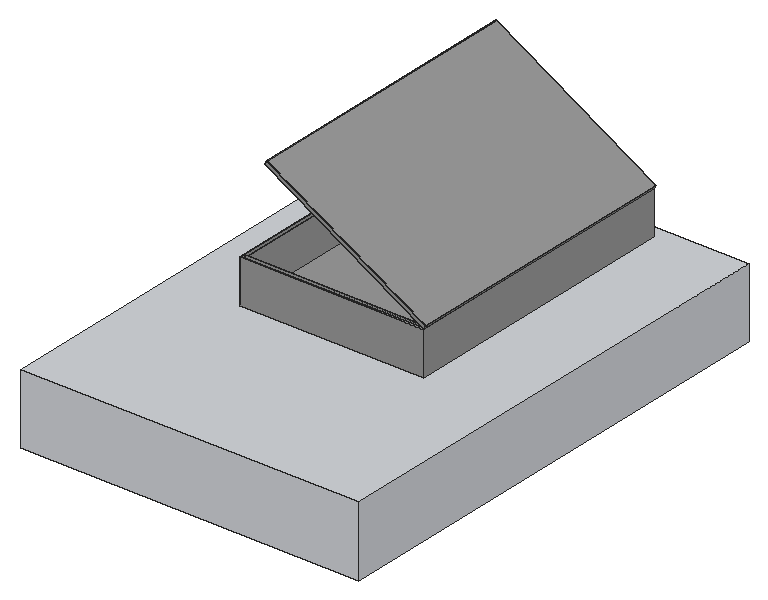
Revit family "Hager-Univers-IP54-D205-H1250-Cl.II-Encl-CH-fr", category Equipement électrique, Revit 2020
Family settings
  Hôte = Face
  Configuration du panneau = Deux colonnes, circuits au sein
  Cote de connecteur circulaire = Utiliser le diamètre
  Type d'élément = Tableau de raccordement
  Couper avec des vides une fois chargée = Non
  Partagée = Non
  Point de calcul de pièce = Non
Parameters (values of type "saillie IP54 L800 H1250 P205  - FP83QSW")
  Width Control [instance] = if([EF000008 - largeur] > Min Width, [EF000008 - largeur], Min Width)  # 800 mm
  Commentaires du type = [HG000003 - Gamme]  # "Univers"
  Thickness Door [instance] = if([EF009171 - épaisseur de matériau de la porte/du couvercle] > 3 mm, 3 mm, [EF009171 - épaisseur de matériau de la porte/du couvercle])  # 1 mm
  Seal Frame Offset [instance] = 17 mm  # constant formula
  Plinth Visibility [instance] = [HG000027 - Hauteur du socle] > 0 mm  # no
  Model = ""
  Min Width [instance] = 100 mm  # constant formula
  Min Height [instance] = 100 mm  # constant formula
  Min Depth [instance] = (2 * [EF009170 - épaisseur de matériau du boîtier]) + 1 mm  # 3 mm
  Internal Frame Depth [instance] = (Door System Depth * 0.5)  # 9 mm
  Height Control [instance] = if([EF000040 - hauteur] > Min Height, [EF000040 - hauteur], Min Height)  # 1250 mm
  HG000027 - Hauteur du socle = 0 mm
  HG000026 - Installation au sol = no
  HG000024 - Hauteur de la section basse = 800 mm
  HG000023 - Armoire double section = no
  HG000016 - Visibilité de la porte 3D [instance] = yes
  HG000015 - Visibilité de l'emprise de la porte [instance] = no
  HG000014 - Porte à droite [instance] = yes
  HG000013 - Porte à gauche [instance] = not([HG000014 - Porte à droite])  # no
  HG000012 - Angle de pivotement de la porte [instance] = 30.00°
  HG000010 - Portes asymétriques = no
  HG000009 - Porte à double battant = no
  HG000006 - Encastré = no
  HG000004 - Référence fabricant = "FP83QSW"
  HG000003 - Gamme = "Univers"
  HG000002 - avec porte = yes
  Frame Offset Bottom [instance] = 10 mm  # constant formula
  Frame Offset [instance] = 15 mm  # constant formula
  EF015940 - couvercle avec décharge de pression = no
  EF011959 - degré de protection (NEMA) = ""
  EF009554 - nombre d'ouvertures pour plaques à bride = 6
  Fabricant = "Hager"  # constant formula
  EF009212 - finition du couvercle = "EV000116 - fermé"
  EF009171 - épaisseur de matériau de la porte/du couvercle = 1 mm
  EF009170 - épaisseur de matériau du boîtier = 1 mm
  EF008873 - courant nominal (In) = 250 A
  EF007800 - adapté à un parafoudre = no
  EF006306 - avec serrure = no
  EF006244 - couvercle/porte transparent(e) = no
  EF005474 - indice de protection (IP) = "EV006419 - IP54"
  EF004464 - type de porte = "EV002646 - unique"
  EF004427 - nombre de modules = 288
  EF004293 - indice de protection contre les chocs (IK) = "EV006815 - IK09"
  EF003532 - convient pour utilisation à l’extérieur = no
  EF002950 - largeur en nombre de modules = 36
  EF001613 - maintien de fonction = "EV000494 - sans"
  EF001596 - matériau du boîtier/corps = "EV000179 - acier"
  EF001131 - profondeur intérieure = 143 mm
  EF001088 - possibilité de montage en saillie = yes
  EF000437 - nombre d'entrées de conduit = 6
  EF000339 - type de capot = "EV001012 - couvercle"
  EF000266 - nombre de rangées = 8
  EF000218 - profondeur d'encastrement = 0 mm
  EF000118 - avec cadre/support de montage = no
  EF000116 - numéro RAL = "9010"
  EF000049 - profondeur = 205 mm
  EF000040 - hauteur = 1250 mm
  EF000008 - largeur = 800 mm
  EF000007 - couleur = "EV000202 - blanc"
  EF000003 - mode de pose = "EV000384 - saillie"
  Door System Leaf Tolerance [instance] = 1.5 mm  # constant formula
  Door System Depth [instance] = 18 mm  # constant formula
  Door Height [instance] = Height Control - [HG000027 - Hauteur du socle]  # 1250 mm
  Depth Control [instance] = if([EF000049 - profondeur] > Min Depth, [EF000049 - profondeur], Min Depth)  # 205 mm
  Default Elevation = 0 mm
  Connector Offset [instance] = Height Control / 2  # 625 mm
  Bottom Top Plate Trim [instance] = 1.5 mm  # constant formula
  Plinth height Ctrl [instance] = if([HG000027 - Hauteur du socle] > 0 mm, [HG000027 - Hauteur du socle], 12 mm)  # 12 mm
Types (5, lengths in mm): name | Width Control | HG000009 - Porte à double battant | HG000004 - Référence fabricant | EF009554 - nombre d'ouvertures pour plaques à bride | EF004464 - type de porte | EF004427 - nombre de modules | EF002950 - largeur en nombre de modules | EF001131 - profondeur intérieure | EF000437 - nombre d'entrées de conduit | EF000339 - type de capot | EF000008 - largeur
  saillie IP54 L1050 H1250 P205  - FP84QSW | 1050 | yes | "FP84QSW" | 8 | "EV003602 - double" | 384 | 48 | 143 | 8 | "EV001012 - couvercle" | 1050
  saillie IP54 L1300 H1250 P205  - FP85QSW | 1300 | no | "FP85QSW" | 10 | "EV003602 - double" | 480 | 60 | 130 | 10 | "EV004216 - porte" | 1300
  saillie IP54 L300 H1250 P205  - FP81QSW | 300 | no | "FP81QSW" | 2 | "EV002646 - unique" | 96 | 12 | 130 | 2 | "EV004216 - porte" | 300
  saillie IP54 L550 H1250 P205  - FP82QSW | 550 | no | "FP82QSW" | 4 | "EV002646 - unique" | 192 | 24 | 130 | 4 | "EV004216 - porte" | 550
  saillie IP54 L800 H1250 P205  - FP83QSW | 800 | no | "FP83QSW" | 6 | "EV002646 - unique" | 288 | 36 | 143 | 6 | "EV001012 - couvercle" | 800
Reference planes
  plane 1 "Center (Front/Back)": y = 0
  plane 2: z = 0
  plane 3 "Center (Left/Right)": x = 0
  plane 4: z = 205
  plane 5: y = 1
  plane 6: y = 625
  plane 7: y = 0
  plane 8: y = 1250
  plane 9: z = 0
  plane 10: x = -385
  plane 11: x = 385
  plane 12: x = 384
  plane 13: x = -384
  plane 14: y = 1249
  plane 15: x = -383
  plane 16: x = -400
  plane 17: x = 383
  plane 18: x = 400
  plane 19: x = 399
  plane 20: x = -399
  plane 21: y = 11
  plane 22: y = 1250
  plane 23: y = 1234
  plane 24: z = 187
  plane 25: z = 1
  plane 26: z = 186
  plane 27: z = 204
Forms (mm)
  Extrusion 1, solid
    sketch origin (0, 0, 0) x (1, 0, 0) y (0, 1, 0)
      loop
        line (-702.964, 1305) -> (-702.964, -811.445) -> (766.763, -811.445) -> (766.763, 1305) -> (-702.964, 1305)
    from 0 to -304.8
  Extrusion 2, solid, material "Hager_Steel_RAL7035_Light_Grey", visible <- "Plinth Visibility", detail levels medium+fine
    sketch origin (0, 0, 0) x (1, 0, 0) y (0, 1, 0)
      loop
        line (-400, 0) -> (400, 0) -> (400, 12) -> (-400, 12) -> (-400, 0)
    from 0 to 187
  Extrusion 3, solid, material "Hager_Steel_RAL7035_Light_Grey", detail levels medium+fine
    sketch origin (0, 0, 0) x (1, 0, 0) y (0, 1, 0)
      loop
        line (-400, 0) -> (400, 0) -> (400, 1250) -> (-400, 1250) -> (-400, 0)
    from 0 to 187
  Extrusion 4, void
    sketch origin (0, 0, 0) x (1, 0, 0) y (0, 1, 0)
      loop
        line (-399, 1) -> (399, 1) -> (399, 1249) -> (-399, 1249) -> (-399, 1)
    from 1 to 186
  Extrusion 5, void
    sketch origin (-381.607, -4572, 187) x (0, -1, 0) y (-1, 0, 0)
      loop
        line (-4583, 2.393) -> (-5806, 2.393) -> (-5806, -765.607) -> (-4583, -765.607) -> (-4583, 2.393)
    from 0 to 1 <- "EF009170 - épaisseur de matériau du boîtier"
  Extrusion 6, solid, material "Hager_Steel_RAL7035_Light_Grey", detail levels fine
    sketch origin (0, 0, 187) x (1, 0, 0) y (0, 1, 0)
      loop
        line (-384, 1234) -> (-384, 11) -> (384, 11) -> (384, 1234) -> (-384, 1234)
      loop
        line (-385, 10) -> (385, 10) -> (385, 1235) -> (-385, 1235) -> (-385, 10)
    from 0 to 9 <- "Internal Frame Depth"
  Extrusion 7, solid, material "Hager_Steel_RAL7035_Light_Grey", detail levels coarse
    sketch origin (0, 0, 0) x (1, 0, 0) y (0, 1, 0)
      loop
        line (-400, 0) -> (400, 0) -> (400, 1250) -> (-400, 1250) -> (-400, 0)
    from 0 to 205
  Sweep 8, void
    path in 3D
      loop
        line (-400, 12, 0) -> (400, 12, 0) -> (400, 12, 187) -> (-400, 12, 187) -> (-400, 12, 0)
    profile origin (-400, 12, 93.5) x (-1, 0, 0) y (0, -1, 0)
      loop
        line (0, 0) -> (0, 1.5) -> (-1.5, 1.5)
        arc (-1.5, 1.5) -> (-1.061, 0.439) -> (0, 0) r 1.5
Cuts and joins
  Extrusion 4, Extrusion 5 cuts Extrusion 3
  Sweep 8 cuts Extrusion 2
Lines and regions (mm)
  Masking region 1
    outline origin (0, 0, 0) x (1, 0, 0) y (0, 0, 1)
      loop
        line (-400, 205) -> (-400, 0) -> (400, 0) -> (400, 205) -> (-400, 205)
  Masking region 2, detail levels medium+fine
    outline origin (0, 140, 0) x (0, 1, 0) y (0, 0, 1)
      loop
        line (-140, 0) -> (1110, 0) -> (1110, 187) -> (-140, 187) -> (-140, 0)
  Masking region 3, not visible, detail levels medium+fine
    outline origin (0, 297.922, 0) x (0, 1, 0) y (0, 0, 1)
      loop
        line (338.578, 0) -> (378.578, 0) -> (378.578, 194)
        arc (378.578, 194) -> (375.649, 201.071) -> (368.578, 204) r 10
        line (368.578, 204) -> (338.578, 204) -> (338.578, 0)
  Masking region 4, detail levels coarse
    outline origin (0, 0, 180) x (0, 1, 0) y (0, 0, 1)
      loop
        line (0, -180) -> (1250, -180) -> (1250, 25) -> (0, 25) -> (0, -180)
  Masking region 5, visible <- "Plinth Visibility", detail levels medium+fine
    outline origin (0, 52.24, 12.345) x (0, 0, -1) y (0, 1, 0)
      loop
        line (10.845, -40.24) -> (-173.155, -40.24)
        arc (-173.155, -40.24) -> (-173.594, -41.301) -> (-174.655, -41.74) r 1.5
        line (-174.655, -41.74) -> (-174.655, -52.24) -> (12.345, -52.24) -> (12.345, -41.74)
        arc (12.345, -41.74) -> (11.285, -41.301) -> (10.845, -40.24) r 1.5
  Masking region 6, detail levels medium+fine
    outline origin (-381.607, -4572, 187) x (-1, 0, 0) y (0, -1, 0)
      loop
        line (18.393, -5822) -> (18.393, -4572) -> (-781.607, -4572) -> (-781.607, -5822) -> (18.393, -5822)
  Masking region 7, visible <- "Plinth Visibility", detail levels medium+fine
    outline origin (-381.607, -4727, 187) x (-1, 0, 0) y (0, -1, 0)
      loop
        arc (16.893, -4739) -> (17.332, -4737.939) -> (18.393, -4737.5) r 1.5
        line (18.393, -4737.5) -> (18.393, -4727) -> (-781.607, -4727) -> (-781.607, -4737.5)
        arc (-781.607, -4737.5) -> (-780.546, -4737.939) -> (-780.107, -4739) r 1.5
        line (-780.107, -4739) -> (16.893, -4739)
  Masking region 8, detail levels coarse
    outline origin (-442.548, -4669.526, 187) x (-1, 0, 0) y (0, -1, 0)
      loop
        line (-42.548, -5919.526) -> (-42.548, -4669.526) -> (-842.548, -4669.526) -> (-842.548, -5919.526) -> (-42.548, -5919.526)
  sketch lines
    curve 1: line (-400, 12, 187) -> (-400, 12, 0)
    curve 2: line (400, 12, 187) -> (-400, 12, 187)
    curve 3: line (400, 12, 187) -> (400, 12, 0)
    curve 4: line (-400, 12, 0) -> (400, 12, 0)
Dimensions and locks
  "Depth Control": plane 4 to Extrusion 1
  "HG000027 - Hauteur du socle": plane 1 "Center (Front/Back)" to plane 7
  "EF009170 - épaisseur de matériau du boîtier": plane 5 to plane 7
  locked: connector elem to plane 3 "Center (Left/Right)"
  equal spacing: plane 8, plane 6, plane 7
  locked: connector elem to plane 6
  "EF009170 - épaisseur de matériau du boîtier": plane 8 to plane 14
  "EF009170 - épaisseur de matériau du boîtier": plane 10 to plane 13
  "EF009170 - épaisseur de matériau du boîtier": plane 12 to plane 11
  "Frame Offset": plane 20 to plane 13
  "Frame Offset": plane 12 to plane 19
  "EF009170 - épaisseur de matériau du boîtier": plane 16 to plane 20
  "EF009170 - épaisseur de matériau du boîtier": plane 19 to plane 18
  "Seal Frame Offset": plane 16 to plane 15
  "Seal Frame Offset": plane 17 to plane 18
  "Frame Offset Bottom": plane 21 to plane 5
  "Frame Offset": plane 14 to plane 23
  equal spacing: plane 16, plane 3 "Center (Left/Right)", plane 18
  "Width Control": plane 16 to plane 18
  "EF009170 - épaisseur de matériau du boîtier": plane 4 to plane 27
  "EF009170 - épaisseur de matériau du boîtier": plane 24 to plane 26
  "EF009170 - épaisseur de matériau du boîtier": plane 25 to level
  "Door System Depth": plane 4 to plane 24
  "Height Control": plane 1 "Center (Front/Back)" to Extrusion 7 sketch curve
  "Height Control": Masking region 4 sketch curve to plane 1 "Center (Front/Back)"
  "Height Control": plane 1 "Center (Front/Back)" to plane 22
  "Bottom Top Plate Trim": profile plane to Sweep 8 sketch curve
  "Bottom Top Plate Trim": Sweep 8 sketch curve to profile plane
  "Plinth height Ctrl": plane 1 "Center (Front/Back)" to Extrusion 2 sketch curve
  "Plinth height Ctrl": Masking region 5 sketch curve to plane 1 "Center (Front/Back)"
  "Plinth height Ctrl": plane 1 "Center (Front/Back)" to Masking region 7 sketch curve
  "Thickness Door": Extrusion 6 sketch curve to Extrusion 6 sketch curve  (x3)
  "Thickness Door": cut or joined group of Extrusion 3, Extrusion 4, Extrusion 5 to Extrusion 6 sketch curve
  radius of Masking region 3 sketch curve = 10 mm
  "Bottom Top Plate Trim": radius of Masking region 5 sketch curve  (x2)
  "Bottom Top Plate Trim": radius of Sweep 8 sketch curve
  "Bottom Top Plate Trim": radius of Masking region 7 sketch curve  (x2)
  aligned and locked: plane 2 to Extrusion 1
  aligned and locked: level to Extrusion 1
  aligned and locked: level to Masking region 1 sketch curve
  aligned and locked: Masking region 1 sketch curve to plane 18
  aligned and locked: Masking region 1 sketch curve to plane 16
  aligned and locked: plane 7 to Masking region 2 sketch curve
  aligned and locked: level to Masking region 3 sketch curve
  aligned and locked: Masking region 3 sketch curve to plane 27
  aligned and locked: level to Masking region 2 sketch curve
  aligned and locked: plane 1 "Center (Front/Back)" to Extrusion 2 sketch curve
  aligned and locked: Extrusion 3 sketch curve to plane 7
  aligned and locked: plane 16 to Extrusion 3 sketch curve
  aligned and locked: plane 18 to Extrusion 3 sketch curve
  aligned and locked: plane 20 to Extrusion 4 sketch curve
  aligned and locked: plane 19 to Extrusion 4 sketch curve
  aligned and locked: Extrusion 4 sketch curve to plane 5
  aligned and locked: Extrusion 4 to plane 25
  aligned and locked: plane 26 to Extrusion 4
  aligned and locked: plane 24 to Extrusion 3
  aligned and locked: Extrusion 5 sketch curve to plane 21
  aligned and locked: Extrusion 5 sketch curve to plane 13
  aligned and locked: Extrusion 5 sketch curve to plane 12
  aligned and locked: plane 18 to Extrusion 7 sketch curve
  aligned and locked: plane 1 "Center (Front/Back)" to Extrusion 7 sketch curve
  aligned and locked: plane 16 to Extrusion 7 sketch curve
  aligned and locked: plane 4 to Extrusion 7
  aligned and locked: Extrusion 7 to level
  aligned and locked: level to Masking region 4 sketch curve
  aligned and locked: Masking region 4 sketch curve to plane 1 "Center (Front/Back)"
  aligned and locked: Masking region 4 sketch curve to plane 4
  aligned and locked: nested 1 to level
  aligned and locked: nested 1 to plane 16
  aligned and locked: plane 8 to Extrusion 3 sketch curve
  aligned and locked: plane 23 to Extrusion 5 sketch curve
  aligned and locked: plane 14 to Extrusion 4 sketch curve
  aligned and locked: Masking region 2 sketch curve to plane 8
  aligned and locked: level to Masking region 5 sketch curve
  aligned and locked: plane 16 to Extrusion 2 sketch curve
  aligned and locked: plane 18 to Extrusion 2 sketch curve
  aligned and locked: Masking region 5 sketch curve to plane 24
  aligned and locked: Masking region 2 sketch curve to plane 24
  aligned and locked: plane 24 to Extrusion 2
  aligned and locked: profile plane to Sweep 8 sketch curve  (x2)
  aligned and locked: Masking region 6 sketch curve to plane 18
  aligned and locked: Masking region 6 sketch curve to plane 22
  aligned and locked: Masking region 6 sketch curve to plane 16
  aligned and locked: plane 8 to plane 22
  aligned and locked: Masking region 6 sketch curve to plane 7
  aligned and locked: Masking region 7 sketch curve to plane 16
  aligned and locked: Masking region 7 sketch curve to plane 1 "Center (Front/Back)"
  aligned and locked: Masking region 7 sketch curve to plane 18
  aligned and locked: Masking region 8 sketch curve to plane 1 "Center (Front/Back)"
  aligned and locked: Masking region 8 sketch curve to plane 18
  aligned and locked: Masking region 8 sketch curve to plane 22
  aligned and locked: Masking region 8 sketch curve to plane 16
  aligned and locked: nested 2 to plane 7
  aligned and locked: plane 3 "Center (Left/Right)" to nested 2
  aligned and locked: nested 2 to plane 24
  aligned and locked: Extrusion 6 sketch curve to cut or joined group of Extrusion 3, Extrusion 4, Extrusion 5  (x4)
Automatic sketch dimensions
  Extrusion 1 sketch curve to Extrusion 1 sketch curve = 1469.727 mm
  Extrusion 1 sketch curve to Extrusion 1 sketch curve = 2116.445 mm
  Masking region 1 sketch curve to plane 4 = 0 mm
  plane 6 to Masking region 3 sketch curve = 11.5 mm
  Masking region 3 sketch curve to Masking region 3 sketch curve = 30 mm
  Masking region 5 sketch curve to plane 1 "Center (Front/Back)" = 0 mm
Nested families
  nested 1: "Hager_Enclosure_Symbol" at (-400, 0, 0) x (1, 0, 0) z (0, -1, 0), Height <- "Depth Control", Width <- "Width Control", type "Hager_Enclosure_Symbol"
    with Width_Ctrl 800 mm, Width 800 mm, Height_Ctrl 205 mm, Height 205 mm, A_Width_Int 13.453 mm, A_Width 161.438 mm, A_Height_Ctrl 179.375 mm, A_Height 179.375 mm
  nested 2: "EC000058_Univers_Door" at (0, 0, 187) x (1, 0, 0) z (0, 1, 0), Leaf_Tolerance <- "Door System Leaf Tolerance", Angle <- "HG000012 - Angle de pivotement de la porte", Door_Depth <- "Door System Depth", Door_Left <- "HG000013 - Porte à gauche", Transparent <- "EF006244 - couvercle/porte transparent(e)", Assymetrical <- "HG000010 - Portes asymétriques", Width <- "Width Control", Clearance <- "HG000015 - Visibilité de l'emprise de la porte", Double <- "HG000009 - Porte à double battant", 3d_Door <- "HG000016 - Visibilité de la porte 3D", Lock_Visibility <- "EF006306 - avec serrure", Width_Ctrl <- "Width Control", Door_Right <- "HG000014 - Porte à droite", Door <- "HG000002 - avec porte", Height <- "Door Height", Thickness <- "Thickness Door", type "EC000058_Univers_Door", detail levels medium+fine
    with min_wh 3 mm, Width_Ctrl 800 mm, Width 800 mm, Transparent no, Thickness 1 mm, Seal_Material Hager_Rubber, Lock_Visibility no, Lock_Material Hager_Plastic_RAL9005_Jet_Black, Leaf_Width 800 mm, Leaf_Tolerance_External_Sides 0 mm, Leaf_Tolerance 1.5 mm, Leaf_Offset 0 mm, Leaf_Height 1247 mm, Leaf_2_Width 800 mm, Leaf_2_Offset 400 mm, Leaf_1_Width 800 mm, Leaf_1_Offset 400 mm, Height_Ctrl 1250 mm, Height 1250 mm, Glass_Material Hager_Glass, Double_Clearance_Ctrl no, Double no, Door_Right_Ctrl yes, Door_Right yes, Door_Material Hager_Steel_RAL7035_Light_Grey, Door_Left_Ctrl no, Door_Left no, Door_Depth 18 mm, Door yes, Clearance_Material Hager_Clearance, Clearance_Depth 800 mm, Clearance_Ctrl no, Clearance no, Assymetrical no, Angle 30.00°, 3d_Door yes
Connectors
  electrical at (0, 625, 0)
    settings: on plane 9, index 1, voltage 0 V, apparent load 0 VA, apparent load phase1 0 VA, apparent load phase2 0 VA, apparent load phase3 0 VA, power factor 1, load classification "Other", number of poles 1, system type 30, power factor state 1, is connector primary yes, connector utility no, sub classification motor no, connector description ""
Definition of nested family "EC000058_Univers_Door"
  Parameters (values of type "EC000058_Univers_Door")
    min_wh [instance] = (2 * Thickness) + 1 mm  # 11 mm
    Width_Ctrl [instance] = 400 mm
    Width [instance] = 500 mm
    Transparent [instance] = yes
    Thickness [instance] = 5 mm
    Seal_Material [instance] = none
    Lock_Visibility [instance] = yes
    Lock_Material [instance] = none
    Leaf_Width [instance] = if((Width_Ctrl - 2 * Leaf_Tolerance_External_Sides) > 0 mm, (Width_Ctrl - 2 * Leaf_Tolerance_External_Sides), min_wh)  # 400 mm
    Leaf_Tolerance_External_Sides [instance] = 0 mm  # constant formula
    Leaf_Tolerance [instance] = 1.5 mm
    Leaf_Offset [instance] = 0 mm  # constant formula
    Leaf_Height [instance] = if((Height_Ctrl - 2 * Leaf_Tolerance) > 0 mm, (Height_Ctrl - 2 * Leaf_Tolerance), min_wh)  # 497 mm
    Leaf_2_Width [instance] = if(and(and(Double, Assymetrical), Door_Left), (Leaf_Width / 3) - (Leaf_Tolerance / 2), if(and(and(Double, Assymetrical), Door_Right), (Leaf_Width / 3) * 2 - (Leaf_Tolerance / 2), if(and(Double, not(Assymetrical)), (Leaf_Width / 2) - Leaf_Tolerance, Leaf_Width)))  # 400 mm
    Leaf_2_Offset [instance] = if(and(Double, Assymetrical), Leaf_2_Width / 2, if(and(Double, not(Assymetrical)), Leaf_Width / 4, Leaf_Width / 2))  # 200 mm
    Leaf_1_Width [instance] = if(and(and(Double, Assymetrical), Door_Right), (Leaf_Width / 3) - (Leaf_Tolerance / 2), if(and(and(Double, Assymetrical), Door_Left), (Width / 3) * 2 - (Leaf_Tolerance / 2), if(and(Double, not(Assymetrical)), (Leaf_Width / 2) - Leaf_Tolerance, Leaf_Width)))  # 400 mm
    Leaf_1_Offset [instance] = if(and(Double, Assymetrical), Leaf_1_Width / 2, if(and(Double, not(Assymetrical)), Leaf_Width / 4, Leaf_Width / 2))  # 200 mm
    Height_Ctrl [instance] = if(Height > min_wh, Height, min_wh)  # 500 mm
    Height [instance] = 500 mm
    Glass_Material [instance] = none
    Double_Clearance_Ctrl [instance] = and(Double, Clearance)  # no
    Double [instance] = no
    Door_Right_Ctrl [instance] = and(or(Door_Right, Double), Door)  # yes
    Door_Right [instance] = yes
    Door_Material [instance] = none
    Door_Left_Ctrl [instance] = and(or(Door_Left, Double), Door)  # no
    Door_Left [instance] = no
    Door_Depth [instance] = 30 mm
    Door [instance] = yes
    Default Elevation = 1219.2 mm
    Clearance_Material [instance] = none
    Clearance_Depth [instance] = if(Leaf_1_Width > Leaf_2_Width, Leaf_1_Width, Leaf_2_Width)  # 400 mm
    Clearance_Ctrl [instance] = and(not(Double), Clearance)  # yes
    Clearance [instance] = yes
    Assymetrical [instance] = yes
    Angle [instance] = 30.00°
    3d_Door [instance] = yes
  Reference planes
    plane 1 "Center (Front/Back)": y = 0
    plane 2 "Bottom": z = 0
    plane 3 "Center (Left/Right)": x = 0
    plane 4: z = 500
    plane 5: x = -200
    plane 6: x = 200
    plane 7: z = 500
    plane 8: x = -200
    plane 9: z = 0
    plane 10: x = 200
    plane 11: y = 0
    plane 12: z = 1.5
    plane 13: x = -600
    plane 14: y = -400
    plane 15: x = 600
    plane 16: x = 0
    plane 17: x = 0
    plane 18: x = -200
    plane 19: x = 200
    plane 20: z = 498.5
  Forms (mm)
    Extrusion 1, solid, material <- "Clearance_Material", visible <- "Double_Clearance_Ctrl"
      sketch origin (1200, 0, 0) x (1, 0, 0) y (0, 0, -1)
        loop
          line (-1800, -498.5) -> (-600, -498.5) -> (-600, 0) -> (-1800, 0) -> (-1800, -498.5)
      from 0 to -400
  Dimensions and locks
    equal spacing: plane 5, plane 3 "Center (Left/Right)", plane 6
    "Width_Ctrl": plane 5 to plane 6
    "Leaf_Offset": plane 5 to plane 8
    "Leaf_Offset": plane 6 to plane 10
    "Leaf_Offset": plane 9 to level
    "Leaf_Offset": plane 4 to plane 7
    "Height_Ctrl": plane 4 to level
    "Leaf_Tolerance": plane 12 to plane 9
    locked: plane 11 to plane 1 "Center (Front/Back)"
    "Leaf_1_Offset": plane 18 to plane 16
    "Leaf_2_Offset": plane 17 to plane 19
    "Leaf_1_Width": plane 13 to plane 8
    "Leaf_2_Width": plane 10 to plane 15
    "Clearance_Depth": plane 14 to plane 1 "Center (Front/Back)"
    "Leaf_Tolerance_External_Sides": plane 8 to plane 18
    "Leaf_Tolerance_External_Sides": plane 19 to plane 10
    "Leaf_Tolerance": plane 7 to plane 20
    aligned and locked: level to plane 2 "Bottom"
    aligned and locked: nested 1 to plane 16
    aligned and locked: nested 2 to plane 17
    aligned and locked: Extrusion 1 to plane 13
    aligned and locked: plane 15 to Extrusion 1
    aligned and locked: Extrusion 1 to plane 14
    aligned and locked: plane 12 to nested 1
    aligned and locked: nested 2 to plane 12
    aligned and locked: Extrusion 1 to plane 11
    aligned and locked: plane 20 to Extrusion 1
    aligned and locked: nested 2 to plane 11
    aligned and locked: nested 1 to plane 11
  Automatic sketch dimensions
    Extrusion 1 sketch curve to level = 0 mm
    plane 5 to Extrusion 1 sketch curve = 400 mm
    plane 6 to Extrusion 1 sketch curve = 400 mm
    Extrusion 1 sketch curve to plane 4 = 1.5 mm
  Nested families
    nested 1: "EC000058_Univers_Door_Leaf" at (0, 0, 1.5), Width <- "Leaf_1_Width", visible <- "Door_Left_Ctrl", Leaf_Height <- "Leaf_Height", Angle <- "Angle", 3d_Door <- "3d_Door", Transparent <- "Transparent", Clearance Material <- "Clearance_Material", Clearance <- "Clearance_Ctrl", Door_Material <- "Door_Material", Glass_Material <- "Glass_Material", Door_Depth <- "Door_Depth", Lock_Material <- "Lock_Material", Seal_Material <- "Seal_Material", Lock_Visibility <- "Lock_Visibility", Thickness <- "Thickness", type "EC000058_Univers_Door_Leaf"
      with Width 400 mm, Transparent_Glass_Offset 30 mm, Transparent_Ctrl yes, Transparent yes, Thickness 5 mm, Standard no, Seal_Material none, Seal_D2 8 mm, Seal_D1 1 mm, Offset_Internal_Frame 10 mm, Lock_Width 20 mm, Lock_Visibility_3d yes, Lock_Visibility yes, Lock_Thickness_3 3 mm, Lock_Thickness_2 1 mm, Lock_Thickness_1 3 mm, Lock_Radius_Offset_2 16 mm, Lock_Radius_Offset_1 15 mm, Lock_Radius_2 5 mm, Lock_Radius 6 mm, Lock_Offset 5 mm, Lock_Material none, Lock_Height 80 mm, Lock_Cover_Top_Offset_2d 17 mm, Lock_Cover_Height -65 mm, Leaf_Height 497 mm, Internal_Seal_Thickness 8 mm, Internal_Seal_Depth_2 4.5 mm, Internal_Frame_Depth 25 mm, Glass_Thickness -1 mm, Glass_Offset -2 mm, Glass_Material none, Door_Material none, Door_Depth 30 mm, Clearance Material none, Clearance yes, Angle_Ctrl 30.00°, Angle 30.00°, 3d_Door yes
    nested 2: "EC000058_Univers_Door_Leaf" at (0, 0, 1.5) x (-1, 0, 0) z (0, 0, 1), Width <- "Leaf_2_Width", visible <- "Door_Right_Ctrl", Leaf_Height <- "Leaf_Height", Angle <- "Angle", 3d_Door <- "3d_Door", Transparent <- "Transparent", Clearance Material <- "Clearance_Material", Clearance <- "Clearance_Ctrl", Door_Material <- "Door_Material", Glass_Material <- "Glass_Material", Door_Depth <- "Door_Depth", Lock_Material <- "Lock_Material", Seal_Material <- "Seal_Material", Lock_Visibility <- "Lock_Visibility", Thickness <- "Thickness", type "EC000058_Univers_Door_Leaf"
      with Width 400 mm, Transparent_Glass_Offset 30 mm, Transparent_Ctrl yes, Transparent yes, Thickness 5 mm, Standard no, Seal_Material none, Seal_D2 8 mm, Seal_D1 1 mm, Offset_Internal_Frame 10 mm, Lock_Width 20 mm, Lock_Visibility_3d yes, Lock_Visibility yes, Lock_Thickness_3 3 mm, Lock_Thickness_2 1 mm, Lock_Thickness_1 3 mm, Lock_Radius_Offset_2 16 mm, Lock_Radius_Offset_1 15 mm, Lock_Radius_2 5 mm, Lock_Radius 6 mm, Lock_Offset 5 mm, Lock_Material none, Lock_Height 80 mm, Lock_Cover_Top_Offset_2d 17 mm, Lock_Cover_Height -65 mm, Leaf_Height 497 mm, Internal_Seal_Thickness 8 mm, Internal_Seal_Depth_2 4.5 mm, Internal_Frame_Depth 25 mm, Glass_Thickness -1 mm, Glass_Offset -2 mm, Glass_Material none, Door_Material none, Door_Depth 30 mm, Clearance Material none, Clearance yes, Angle_Ctrl 30.00°, Angle 30.00°, 3d_Door yes
  Definition of nested family "EC000058_Univers_Door_Leaf"
    Parameters (values of type "EC000058_Univers_Door_Leaf")
      Width [instance] = 2000 mm
      Transparent_Glass_Offset [instance] = 30 mm
      Transparent_Ctrl [instance] = and(Transparent, [3d_Door])  # yes
      Transparent [instance] = yes
      Thickness [instance] = 5 mm
      Standard [instance] = and(not(Transparent), [3d_Door])  # no
      Seal_Material [instance] = none
      Seal_D2 [instance] = 8 mm  # constant formula
      Seal_D1 [instance] = 1 mm  # constant formula
      Offset_Internal_Frame [instance] = 10 mm  # constant formula
      Lock_Width [instance] = 20 mm  # constant formula
      Lock_Visibility_3d [instance] = and(Lock_Visibility, [3d_Door])  # yes
      Lock_Visibility [instance] = yes
      Lock_Thickness_3 [instance] = 3 mm  # constant formula
      Lock_Thickness_2 [instance] = 1 mm  # constant formula
      Lock_Thickness_1 [instance] = 3 mm  # constant formula
      Lock_Radius_Offset_2 [instance] = Lock_Radius_Offset_1 + 1 mm  # 16 mm
      Lock_Radius_Offset_1 [instance] = 15 mm  # constant formula
      Lock_Radius_2 [instance] = Lock_Radius - 1 mm  # 5 mm
      Lock_Radius [instance] = 6 mm  # constant formula
      Lock_Offset [instance] = 5 mm  # constant formula
      Lock_Material [instance] = none
      Lock_Height [instance] = 80 mm  # constant formula
      Lock_Cover_Top_Offset_2d [instance] = Lock_Radius_Offset_2 + 1 mm  # 17 mm
      Lock_Cover_Height [instance] = -(Lock_Height - Lock_Radius_Offset_1)  # -65 mm
      Leaf_Height [instance] = 2720.336 mm
      Internal_Seal_Thickness [instance] = 8 mm  # constant formula
      Internal_Seal_Depth_2 [instance] = 4.5 mm  # constant formula
      Internal_Frame_Depth [instance] = if(Door_Depth - Thickness > 5 mm, Door_Depth - Thickness, 5 mm)  # 25 mm
      Glass_Thickness [instance] = if(Thickness > 15 mm, Glass_Offset + 10 mm, -1 mm)  # -1 mm
      Glass_Offset [instance] = if(Thickness > 15 mm, -(Thickness + 10 mm) / 2, -2 mm)  # -2 mm
      Glass_Material [instance] = none
      Door_Material [instance] = none
      Door_Depth [instance] = 30 mm
      Default Elevation = 0 mm
      Clearance Material [instance] = none
      Clearance [instance] = yes
      Angle_Ctrl [instance] = if(Angle > 180.00°, 180.00°, Angle)  # 90.00°
      Angle [instance] = 90.00°
      3d_Door [instance] = yes
    Reference planes
      plane 1 "Center (Front/Back)": y = 0
      plane 2: z = 0
      plane 3 "Center (Left/Right)": x = 0
      plane 4: y = 2000
      plane 5: x = -1000
      plane 6: x = 1000
      plane 7: x = -3000
      plane 8: z = 2720.336
      plane 9: z = 30
      plane 10: z = 2690.336
      plane 11: x = 970
      plane 12: x = -970
      plane 13: y = -3
      plane 14: z = 107.833
      plane 15: y = -5
      plane 16: y = -223.314
      plane 17: x = -1000
      plane 18: z = 1360.168
      plane 19: y = 30
    Forms (mm)
      Extrusion 1, solid, material <- "Clearance Material", visible <- "Clearance"
        sketch origin (0, 0, 0) x (1, 0, 0) y (0, 0, 1)
          loop
            line (-3000, 2720.336) -> (-3000, 0) -> (1000, 0) -> (1000, 2720.336) -> (-3000, 2720.336)
        from 0 to -2000
      Extrusion 2, solid, material <- "Door_Material", visible <- "Standard", detail levels medium+fine
        sketch origin (-1000, 0, 0) x (0, 1, 0) y (-1, 0, 0)
          loop
            line (0, 30) -> (0, 25) -> (2000, 25) -> (2000, 30) -> (0, 30)
        from 0 to 2720.336 <- "Leaf_Height"
      Extrusion 3, solid, material <- "Door_Material", visible <- "Transparent_Ctrl", detail levels medium+fine
        sketch origin (-1000, 0, 0) x (0, 1, 0) y (-1, 0, 0)
          loop
            line (0, 25) -> (2000, 25) -> (2000, 30) -> (0, 30) -> (0, 25)
        from 0 to 2720.336 <- "Leaf_Height"
      Extrusion 4, void
        sketch origin (-1025, 2000, 0) x (0, 1, 0) y (0, 0, -1)
          loop
            line (-30, -2690.336) -> (-30, -30) -> (-1970, -30) -> (-1970, -2690.336) -> (-30, -2690.336)
        from 0 to 5 <- "Thickness"
      Sweep 5, solid, material <- "Seal_Material", visible <- "Transparent_Ctrl", detail levels fine
        path in 3D
          loop
            line (-1025, 30, 30) -> (-1025, 30, 2690.336) -> (-1025, 1970, 2690.336) -> (-1025, 1970, 30) -> (-1025, 30, 30)
        profile origin (-1025, 1000, 30) x (1, 0, 0) y (0, 0, 1)
          loop
            line (0, 0) -> (0, -8) -> (1, -8) -> (1, 0) -> (0, 0)
      Extrusion 6, solid, material <- "Glass_Material", visible <- "Transparent_Ctrl", detail levels medium+fine
        sketch origin (-1030, 0, 0) x (0, 1, 0) y (0, 0, -1)
          loop
            line (1970, -2690.336) -> (1970, -30) -> (30, -30) -> (30, -2690.336) -> (1970, -2690.336)
        from -2 <- "Glass_Offset" to -1 <- "Glass_Thickness"
      Extrusion 7, solid, material <- "Door_Material", visible <- "3d_Door", detail levels medium+fine
        sketch origin (-1025, 2000, 0) x (0, -1, 0) y (0, 0, -1)
          loop
            line (0, -2720.336) -> (2000, -2720.336) -> (2000, 0) -> (0, 0) -> (0, -2720.336)
          loop
            line (1995, -5) -> (5, -5) -> (5, -2715.336) -> (1995, -2715.336) -> (1995, -5)
        from 0 to 25 <- "Internal_Frame_Depth"
      Sweep 8, solid, material <- "Seal_Material", visible <- "Transparent_Ctrl", detail levels fine
        path in 3D
          loop
            line (-1025, 0, 0) -> (-1025, 2000, 0) -> (-1025, 2000, 2720.336) -> (-1025, 0, 2720.336) -> (-1025, 0, 0)
        profile origin (-1025, 0, 1360.168) x (1, 0, 0) y (0, 1, 0)
          loop
            line (0, 10) -> (2.975, 10)
            arc (2.975, 10) -> (4.053, 10.447) -> (4.5, 11.525) r 1.525
            line (4.5, 11.525) -> (4.5, 16.527)
            arc (4.5, 16.527) -> (4.069, 17.569) -> (3.027, 18) r 1.473
            line (3.027, 18) -> (0, 18) -> (0, 10)
      Extrusion 9, solid, material <- "Lock_Material", visible <- "Lock_Visibility_3d", detail levels fine
        sketch origin (-1030, 0, 0) x (0, 1, 0) y (0, 0, -1)
          loop
            arc (1993.5, -1400.168) -> (1994.561, -1399.729) -> (1995, -1398.668) r 1.5
            line (1995, -1398.668) -> (1995, -1320.168) -> (1975, -1320.168) -> (1975, -1398.668)
            arc (1975, -1398.668) -> (1975.439, -1399.729) -> (1976.5, -1400.168) r 1.5
            line (1976.5, -1400.168) -> (1993.5, -1400.168)
        from 3 <- "Lock_Thickness_1" to 0
      Blend 10, solid, material <- "Lock_Material", visible <- "Lock_Visibility_3d", detail levels fine
        base sketch origin (-1033, 0, 0) x (0, 1, 0) y (0, 0, -1)
          loop
            line (1975, -1320.168) -> (1975, -1398.668)
            arc (1975, -1398.668) -> (1975.439, -1399.729) -> (1976.5, -1400.168) r 1.5
            line (1976.5, -1400.168) -> (1993.5, -1400.168)
            arc (1993.5, -1400.168) -> (1994.561, -1399.729) -> (1995, -1398.668) r 1.5
            line (1995, -1398.668) -> (1995, -1320.168) -> (1975, -1320.168)
        top sketch origin (-1033, 0, 0) x (0, 1, 0) y (0, 0, -1)
          loop
            line (1976, -1320.168) -> (1976, -1398.668)
            arc (1976, -1398.668) -> (1976.146, -1399.022) -> (1976.5, -1399.168) r 0.5
            line (1976.5, -1399.168) -> (1993.5, -1399.168)
            arc (1993.5, -1399.168) -> (1993.854, -1399.022) -> (1994, -1398.668) r 0.5
            line (1994, -1398.668) -> (1994, -1320.168) -> (1976, -1320.168)
        from 0 to 1 <- "Lock_Thickness_2"
      Blend 11, solid, material <- "Lock_Material", visible <- "Lock_Visibility_3d", detail levels fine
        base sketch origin (-1034, 0, 0) x (0, 1, 0) y (0, 0, -1)
          loop
            line (1978, -1320.168) -> (1978, -1384.168)
            arc (1978, -1384.168) -> (1985, -1391.168) -> (1992, -1384.168) r 7
            line (1992, -1384.168) -> (1992, -1320.168) -> (1978, -1320.168)
        top sketch origin (-1034, 0, 0) x (0, 1, 0) y (0, 0, -1)
          loop
            line (1991, -1320.168) -> (1979, -1320.168) -> (1979, -1383.168)
            arc (1979, -1383.168) -> (1985, -1389.168) -> (1991, -1383.168) r 6
            line (1991, -1383.168) -> (1991, -1320.168)
        from 0 to 3 <- "Lock_Thickness_3"
      Extrusion 12, solid, material <- "Lock_Material", visible <- "Lock_Visibility_3d", detail levels fine
        sketch origin (-1030, 1975, 1320.168) x (1, 0, 0) y (0, -1, 0)
          loop
            line (-7, -19) -> (-7, -1) -> (0, -1) -> (0, 0) -> (-8, 0) -> (-8, -20) -> (0, -20) -> (0, -19) -> (-7, -19)
        from 0 to -65 <- "Lock_Cover_Height"
      Extrusion 13, void
        sketch origin (-1038, 1995, 1320.168) x (-1, 0, 0) y (0, 0, -1)
          loop
            line (-5, -65) -> (0, -65) -> (-5, -60) -> (-5, -65)
        from 0 to 20 <- "Lock_Width"
      Extrusion 14, void
        sketch origin (-1038, 1975, 1320.168) x (0, -1, 0) y (0, 0, -1)
          loop
            circle (-10, -15.995) r 6
          loop
            circle (-10, -15.995) r 5
        from 0 to 2
      Extrusion 15, solid, material <- "Lock_Material", visible <- "Lock_Visibility_3d", detail levels medium
        sketch origin (-1030, 0, 0) x (0, 1, 0) y (0, 0, -1)
          loop
            arc (1993.5, -1400.168) -> (1994.561, -1399.729) -> (1995, -1398.668) r 1.5
            line (1995, -1398.668) -> (1995, -1320.168) -> (1975, -1320.168) -> (1975, -1398.668)
            arc (1975, -1398.668) -> (1975.439, -1399.729) -> (1976.5, -1400.168) r 1.5
            line (1976.5, -1400.168) -> (1993.5, -1400.168)
        from 8 to 0
    Cuts and joins
      Extrusion 4 cuts Extrusion 3
      Extrusion 13, Extrusion 14 cuts Extrusion 9
      Extrusion 14 cuts Blend 11
      Extrusion 13, Extrusion 14 cuts Extrusion 12
      joined: Extrusion 9, Blend 10, Blend 11, Extrusion 12
      Extrusion 14 cuts Extrusion 15
    Lines and regions (mm)
      Masking region 1, visible <- "Lock_Visibility", detail levels fine
        outline origin (0, 0, 0) x (0, 1, 0) y (0, 0, 1)
          loop
            line (30, 1320.168) -> (33, 1320.168) -> (33, 1400.168) -> (30, 1400.168) -> (30, 1320.168)
      Masking region 2, visible <- "Lock_Visibility", detail levels fine
        outline origin (0, 3.143, 0) x (0, 1, 0) y (0, 0, 1)
          loop
            line (29.857, 1354.168) -> (30.857, 1354.168) -> (30.857, 1366.168) -> (29.857, 1366.168) -> (29.857, 1354.168)
      Masking region 3, detail levels medium+fine
        outline origin (0, 0, 0) x (0, 1, 0) y (0, 0, 1)
          loop
            line (0, 0) -> (30, 0) -> (30, 2720.336) -> (0, 2720.336) -> (0, 0)
      Masking region 4, detail levels medium+fine
        outline origin (0, 0, 0) x (1, 0, 0) y (0, 0, 1)
          loop
            line (-1000, 2720.336) -> (-1000, 0) -> (1000, 0) -> (1000, 2720.336) -> (-1000, 2720.336)
      Masking region 5, visible <- "Lock_Visibility", detail levels fine
        outline origin (-47.116, 0, 0) x (1, 0, 0) y (0, 0, 1)
          loop
            arc (1024.616, 1399.168) -> (1023.556, 1398.729) -> (1023.116, 1397.668) r 1.5
            line (1023.116, 1397.668) -> (1023.116, 1320.168) -> (1041.116, 1320.168) -> (1041.116, 1397.668)
            arc (1041.116, 1397.668) -> (1040.677, 1398.729) -> (1039.616, 1399.168) r 1.5
            line (1039.616, 1399.168) -> (1024.616, 1399.168)
      Masking region 6, visible <- "Lock_Visibility", detail levels medium+fine
        outline origin (-25, 0, 0) x (1, 0, 0) y (0, 0, 1)
          loop
            arc (1001.5, 1400.168) -> (1000.439, 1399.729) -> (1000, 1398.668) r 1.5
            line (1000, 1398.668) -> (1000, 1320.168) -> (1020, 1320.168) -> (1020, 1398.668)
            arc (1020, 1398.668) -> (1019.561, 1399.729) -> (1018.5, 1400.168) r 1.5
            line (1018.5, 1400.168) -> (1001.5, 1400.168)
      Masking region 7, visible <- "Lock_Visibility", detail levels fine
        outline origin (-73.735, 0, 0) x (1, 0, 0) y (0, 0, 1)
          loop
            line (1051.735, 1382.168) -> (1065.735, 1382.168) -> (1065.735, 1384.168)
            arc (1065.735, 1384.168) -> (1058.735, 1391.168) -> (1051.735, 1384.168) r 7
            line (1051.735, 1384.168) -> (1051.735, 1382.168)
      Masking region 8, visible <- "Lock_Visibility", detail levels fine
        outline origin (-73.735, 0, 0) x (1, 0, 0) y (0, 0, 1)
          loop
            line (1052.735, 1382.168) -> (1064.735, 1382.168) -> (1064.735, 1383.168)
            arc (1064.735, 1383.168) -> (1058.735, 1389.168) -> (1052.735, 1383.168) r 6
            line (1052.735, 1383.168) -> (1052.735, 1382.168)
      Masking region 9, visible <- "Lock_Visibility", detail levels fine
        outline origin (-25, 0, 0) x (1, 0, 0) y (0, 0, 1)
          loop
            line (1020, 1320.168) -> (1020, 1382.168) -> (1000, 1382.168) -> (1000, 1320.168) -> (1020, 1320.168)
      Masking region 10, detail levels medium+fine
        outline origin (0, 0, 0) x (1, 0, 0) y (0, 0, 1)
          loop
            circle (985, 1335.144) r 6
      Masking region 11, detail levels fine
        outline origin (0, 0, 0) x (1, 0, 0) y (0, 0, 1)
          loop
            circle (985, 1335.144) r 5
      Masking region 12, visible <- "Lock_Visibility", detail levels fine
        outline origin (0, 12.767, 0) x (0, 1, 0) y (0, 0, 1)
          loop
            line (20.233, 1320.168) -> (21.233, 1320.168) -> (21.233, 1399.168) -> (20.233, 1400.168) -> (20.233, 1320.168)
      Masking region 13, visible <- "Lock_Visibility", detail levels fine
        outline origin (0, 13.767, -10) x (0, 1, 0) y (0, 0, 1)
          loop
            line (20.233, 1330.168) -> (23.233, 1330.168) -> (23.233, 1399.168) -> (20.233, 1402.168) -> (20.233, 1330.168)
      Masking region 14, visible <- "Lock_Visibility", detail levels fine
        outline origin (0, 12.767, -10) x (0, 1, 0) y (0, 0, 1)
          loop
            line (20.233, 1330.168) -> (25.233, 1330.168) -> (25.233, 1399.305) -> (20.233, 1394.305) -> (20.233, 1330.168)
      Masking region 15, visible <- "Lock_Visibility", detail levels medium
        outline origin (0, 0, 0) x (0, 1, 0) y (0, 0, 1)
          loop
            line (30, 1320.168) -> (38, 1320.168) -> (38, 1400.168) -> (30, 1400.168) -> (30, 1320.168)
      Masking region 16, visible <- "Lock_Visibility", detail levels fine
        outline origin (-1000, 0, 0) x (0, 1, 0) y (-1, 0, 0)
          loop
            line (1975, 30) -> (1995, 30) -> (1995, 38) -> (1975, 38) -> (1975, 30)
          loop
            line (1979, 37) -> (1976, 37) -> (1976, 34) -> (1978, 34) -> (1979, 37)
          loop
            line (1994, 37) -> (1991, 37) -> (1992, 34) -> (1994, 34) -> (1994, 37)
      Masking region 17, visible <- "Lock_Visibility", detail levels medium
        outline origin (-1000, 0, 0) x (0, 1, 0) y (-1, 0, 0)
          loop
            line (1975, 30) -> (1995, 30) -> (1995, 38) -> (1975, 38) -> (1975, 30)
      symbolic lines
        curve 1: line (1000, 0, 0) -> (-3000, 0, 0)
        curve 2: arc (1000, 0, 0) -> (-1000, 2000, 0) -> (-3000, 0, 0) r 2000
        curve 4: line (-1030, 0, 0) -> (-1030, 2000, 0)
      reference lines
        curve 3: line (-1000, 0, 0) -> (-1000, 2000, 0)
      symbolic lines, detail levels medium+fine
        curve 5: line (-1030, 2000, 0) -> (-1025, 2000, 0)
        curve 7: line (-1025, 0, 0) -> (-1030, 0, 0)
        curve 8: line (-1025, 0, 0) -> (-1000, 0, 0)
        curve 9: line (-1000, 0, 0) -> (-1000, 2000, 0)
        curve 10: line (-1000, 2000, 0) -> (-1025, 2000, 0)
      symbolic lines, detail levels fine
        curve 6: line (-1025, 2000, 0) -> (-1025, 0, 0)
      sketch lines
        curve 11: line (-1025, 0, 2720.336) -> (-1025, 0, 0)
        curve 12: line (-1025, 2000, 0) -> (-1025, 0, 0)
        curve 13: line (-1025, 2000, 2720.336) -> (-1025, 2000, 0)
        curve 14: line (-1025, 0, 2720.336) -> (-1025, 2000, 2720.336)
        curve 15: line (-1025, 1970, 30) -> (-1025, 30, 30)
        curve 16: line (-1025, 30, 30) -> (-1025, 30, 2690.336)
        curve 17: line (-1025, 1970, 2690.336) -> (-1025, 1970, 30)
        curve 18: line (-1025, 30, 2690.336) -> (-1025, 1970, 2690.336)
      symbolic lines, visible <- "Transparent", detail levels medium+fine
        curve 19: line (-970, 0, 2690.336) -> (970, 0, 2690.336)
        curve 20: line (-970, 0, 30) -> (-970, 0, 2690.336)
        curve 21: line (970, 0, 30) -> (-970, 0, 30)
        curve 22: line (970, 0, 2690.336) -> (970, 0, 30)
    Dimensions and locks
      "Width": plane 1 "Center (Front/Back)" to plane 4
      equal spacing: plane 5, plane 3 "Center (Left/Right)", plane 6
      "Width": plane 5 to plane 6
      "Width": plane 7 to plane 5
      "Leaf_Height": plane 8 to level
      "Width": curve 5 to curve 3
      "Width": curve 3 to curve 3
      plane 8 to plane 10 = 30 mm
      plane 9 to level = 30 mm
      plane 12 to plane 5 = 30 mm
      plane 6 to plane 11 = 30 mm
      Extrusion 1 to Extrusion 4 sketch curve = 30 mm
      "Transparent_Glass_Offset": curve 3 to Extrusion 4 sketch curve
      "Transparent_Glass_Offset": Extrusion 4 sketch curve to cut or joined group of Extrusion 3, Extrusion 4  (x2)
      cut or joined group of Extrusion 3, Extrusion 4 to Extrusion 6 sketch curve = 30 mm
      "Transparent_Glass_Offset": cut or joined group of Extrusion 3, Extrusion 4 to Extrusion 4 sketch curve
      "Thickness": curve 6 to curve 4
      "Thickness": Extrusion 7 sketch curve to Extrusion 7 sketch curve  (x4)
      "Door_Depth": curve 4 to curve 3
      "Offset_Internal_Frame": profile plane to Sweep 8 sketch curve
      "Internal_Seal_Thickness": Sweep 8 sketch curve to Sweep 8 sketch curve
      "Internal_Seal_Depth_2": profile plane to Sweep 8 sketch curve
      "Seal_D1": profile plane to Sweep 5 sketch curve
      "Seal_D2": profile plane to Sweep 5 sketch curve
      "Thickness": Extrusion 2 sketch curve to Extrusion 2 sketch curve
      equal spacing: Extrusion 9 sketch curve, plane 18, Extrusion 9 sketch curve  (x2)
      equal spacing: Masking region 1 sketch curve, plane 18, Masking region 1 sketch curve
      "Lock_Height": Masking region 1 sketch curve to Masking region 1 sketch curve
      "Lock_Radius": Masking region 2 sketch curve to plane 18 to Masking region 2 sketch curve
      Masking region 2 sketch curve to Masking region 1 = 1 mm
      "Door_Depth": plane 19 to plane 1 "Center (Front/Back)"
      "Lock_Thickness_1": Masking region 1 sketch curve to plane 19
      "Lock_Width": Extrusion 9 sketch curve to Extrusion 9 sketch curve
      "Lock_Height": Extrusion 9 sketch curve to Extrusion 9 sketch curve
      "Lock_Offset": cut or joined group of Extrusion 3, Extrusion 4 to Extrusion 9 sketch curve
      equal spacing: plane 8, plane 18, level
      "Lock_Radius_Offset_1": Blend 11 sketch curve to Blend 10
      locked: Blend 10 to Blend 11 sketch curve at 2  (x2)
      locked: var sketch to Blend 11 sketch curve at 1  (x2)
      "Lock_Radius_Offset_2": Blend 11 sketch curve to Blend 10
      locked: Extrusion 12 sketch curve to Extrusion 12 sketch curve at 1  (x3)
      Masking region 6 sketch curve to Masking region 6 sketch curve = 80 mm
      "Lock_Height": Masking region 6 sketch curve to Masking region 6 sketch curve
      "Lock_Width": Masking region 6 sketch curve to Masking region 6 sketch curve
      locked: Masking region 6 to Masking region 5 sketch curve at 1  (x3)
      locked: Masking region 5 to Masking region 7 sketch curve at 2  (x2)
      "Lock_Radius_Offset_1": Masking region 5 to Masking region 7 sketch curve
      "Lock_Radius_Offset_2": Masking region 5 to Masking region 8 sketch curve
      locked: Masking region 7 to Masking region 8 sketch curve at 1  (x2)
      "Lock_Cover_Top_Offset_2d": Masking region 5 to Masking region 9 sketch curve
      equal spacing: Masking region 9, Masking region 10 sketch curve, Masking region 9
      equal spacing: Masking region 9, Masking region 11 sketch curve, Masking region 9
      Extrusion 15 sketch curve to Extrusion 15 sketch curve = 80 mm
      "Lock_Width": Extrusion 15 sketch curve to Extrusion 15 sketch curve
      "Lock_Height": Extrusion 15 sketch curve to Extrusion 15 sketch curve
      equal spacing: Extrusion 15 sketch curve, plane 18, Extrusion 15 sketch curve
      "Lock_Thickness_3": Masking region 13 sketch curve to Masking region 13 sketch curve
      "Lock_Height": Masking region 12 sketch curve to Masking region 12 sketch curve
      locked: Masking region 13 sketch curve to Masking region 1 at 8
      locked: Masking region 14 sketch curve to Masking region 13 at 1
      locked: Masking region 14 sketch curve to Masking region 1 at 10.863
      "Lock_Height": Masking region 15 sketch curve to Masking region 15 sketch curve
      "Lock_Offset": Extrusion 15 sketch curve to cut or joined group of Extrusion 3, Extrusion 4
      "Lock_Offset": plane 6 to Masking region 6 sketch curve
      radius of Sweep 8 sketch curve = 1.525 mm
      radius of Sweep 8 sketch curve = 1.473 mm
      radius of Extrusion 9 sketch curve = 1.5 mm  (x2)
      "Lock_Radius": radius of Extrusion 14 sketch curve
      "Lock_Radius_2": radius of Extrusion 14 sketch curve
      "Lock_Radius": radius of Masking region 10 sketch curve
      "Lock_Radius_2": radius of Masking region 11 sketch curve
      radius of Extrusion 15 sketch curve = 1.5 mm  (x2)
      "Angle_Ctrl": angle plane 1 "Center (Front/Back)" to curve 3
      locked: Masking region 12 sketch curve to Masking region 12 sketch curve (angle 45.00°)
      locked: Masking region 13 sketch curve to Masking region 13 sketch curve (angle 45.00°)
      locked: Masking region 14 sketch curve to Masking region 14 sketch curve (angle 45.00°)
      aligned and locked: level to plane 2
      aligned and locked: Extrusion 1 to curve 1
      aligned and locked: plane 6 to Extrusion 1
      aligned and locked: Extrusion 1 to plane 1 "Center (Front/Back)"
      aligned and locked: plane 4 to Extrusion 1
      aligned and locked: plane 8 to Extrusion 1
      aligned and locked: curve 7 to Extrusion 2 sketch curve
      aligned and locked: curve 5 to Extrusion 2 sketch curve
      aligned and locked: curve 7 to Extrusion 3 sketch curve
      aligned and locked: Extrusion 3 sketch curve to curve 4
      aligned and locked: Extrusion 3 sketch curve to curve 6
      aligned and locked: Extrusion 3 sketch curve to curve 5
      aligned and locked: curve 9 to curve 3
      aligned and locked: Extrusion 7 sketch curve to cut or joined group of Extrusion 3, Extrusion 4  (x4)
      aligned and locked: plane 17 to curve 3
      aligned and locked: plane 1 "Center (Front/Back)" to curve 3
      aligned and locked: plane 17 to plane 5
      aligned and locked: Sweep 8 sketch curve to profile plane
      aligned and locked: Sweep 5 sketch curve to profile plane  (x2)
      aligned and locked: Masking region 1 to Masking region 2 sketch curve
      aligned and locked: plane 19 to Masking region 1 sketch curve
      aligned and locked: plane 1 "Center (Front/Back)" to Masking region 3 sketch curve
      aligned and locked: plane 19 to Masking region 3 sketch curve
      aligned and locked: level to Masking region 3 sketch curve
      aligned and locked: Masking region 3 sketch curve to plane 8
      aligned and locked: plane 17 to Masking region 4 sketch curve
      aligned and locked: level to Masking region 4 sketch curve
      aligned and locked: Masking region 4 sketch curve to plane 8
      aligned and locked: plane 12 to curve 20
      aligned and locked: plane 10 to curve 19
      aligned and locked: plane 11 to curve 22
      aligned and locked: curve 21 to plane 9
      aligned and locked: Extrusion 2 sketch curve to cut or joined group of Extrusion 3, Extrusion 4
      aligned and locked: Blend 10 sketch curve to Extrusion 9  (x4)
      aligned and locked: Extrusion 9 to Blend 10 sketch curve
      aligned and locked: Blend 10 to Blend 11 sketch curve
      aligned and locked: Extrusion 12 sketch curve to Blend 11
      aligned and locked: Extrusion 12 sketch curve to Extrusion 9  (x4)
      aligned and locked: Masking region 5 sketch curve to Masking region 6
      aligned and locked: Masking region 9 sketch curve to Masking region 6  (x3)
      aligned and locked: Masking region 12 sketch curve to Masking region 1
      aligned and locked: Masking region 13 sketch curve to Masking region 1
      aligned and locked: Masking region 12 to Masking region 14
      aligned and locked: Masking region 14 sketch curve to Masking region 1
      aligned and locked: Masking region 15 sketch curve to Masking region 14
      aligned and locked: Masking region 13 sketch curve to Masking region 12
      aligned and locked: Masking region 16 sketch curve to cut or joined group of Extrusion 14, Extrusion 15  (x4)
      aligned and locked: Masking region 16 sketch curve to cut or joined group of Extrusion 9, Blend 10, Blend 11, Extrusion 12, Extrusion 13, Extrusion 14  (x6)
      aligned and locked: cut or joined group of Extrusion 9, Blend 10, Blend 11, Extrusion 12, Extrusion 13, Extrusion 14 to Masking region 16 sketch curve
      aligned and locked: Masking region 17 sketch curve to cut or joined group of Extrusion 14, Extrusion 15  (x3)
      aligned and locked: Masking region 17 sketch curve to cut or joined group of Extrusion 9, Blend 10, Blend 11, Extrusion 12, Extrusion 13, Extrusion 14
      aligned and locked: Masking region 9 to Masking region 8 sketch curve
      aligned and locked: Masking region 9 to Masking region 7 sketch curve
    Automatic sketch dimensions
      plane 1 "Center (Front/Back)" to curve 2 = 0 mm
      curve 2 to plane 5 = 0 mm
      Extrusion 1 sketch curve to level = 0 mm
      Extrusion 1 sketch curve to plane 7 = 0 mm
      Extrusion 1 sketch curve to plane 6 = 0 mm
      Extrusion 1 sketch curve to plane 8 = 0 mm
      Extrusion 3 to Extrusion 6 sketch curve = 30 mm  (x4)
      Masking region 4 sketch curve to plane 6 = 0 mm
      Blend 10 sketch curve to Extrusion 9 = 1.5 mm
      Blend 10 sketch curve to Extrusion 9 = 1 mm
      Extrusion 13 sketch curve to Extrusion 12 = 0 mm  (x2)
      Extrusion 12 to Extrusion 13 sketch curve = 3 mm
      Extrusion 13 sketch curve to Extrusion 12 = 5 mm
      Extrusion 14 sketch curve to Extrusion 14 sketch curve = 0 mm  (x2)
      Extrusion 14 sketch curve to Extrusion 12 = 10 mm
      Extrusion 14 sketch curve to Extrusion 12 = 15.995 mm
      Masking region 5 sketch curve to Masking region 5 sketch curve = 1.5 mm  (x2)
      Masking region 10 sketch curve to plane 18 = 25.024 mm
      Masking region 11 sketch curve to plane 18 = 25.024 mm
      plane 19 to Masking region 14 sketch curve = 3 mm
      Masking region 16 sketch curve to Masking region 16 sketch curve = 3 mm
      curve 4 to curve 3 = 0 mm
      Blend 10 to Blend 11 sketch curve = 0 mm
      Masking region 6 sketch curve to Masking region 6 sketch curve = 1.5 mm  (x2)
      Masking region 6 sketch curve to plane 18 = 40 mm
      plane 19 to Masking region 12 sketch curve = 3 mm
      Masking region 12 sketch curve to Masking region 12 sketch curve = 1 mm
      Masking region 15 sketch curve to plane 19 = 0 mm
      Masking region 15 sketch curve to plane 18 = 40 mm
      radius of Blend 10 sketch curve to Extrusion 9 = 1 mm
Definition of nested family "Hager_Enclosure_Symbol"
  Parameters (values of type "Hager_Enclosure_Symbol")
    Width_Ctrl [instance] = if(Width > 1 mm, Width, 1 mm)  # 102.27 mm
    Width [instance] = 102.27 mm
    Height_Ctrl [instance] = if(Height > 1 mm, Height, 1 mm)  # 66.5 mm
    A_Width_Int [instance] = if(A_Width / 12 > 2 mm, A_Width / 12, 2 mm)  # 4.364 mm
    A_Width [instance] = if(A_Height_Ctrl * 0.9 > 2 mm, A_Height_Ctrl * 0.9, 2 mm)  # 52.369 mm
    A_Height_Ctrl [instance] = if(A_Height > 2 mm, A_Height, 2 mm)  # 58.188 mm
    Height [instance] = 66.5 mm
    A_Height [instance] = Height - (Height / 8)  # 58.188 mm
  Reference planes
    plane 1 "Centre (avant/arrière)": y = 0
    plane 2: z = 0
    plane 3 "Centre (gauche/droite)": x = 0
    plane 4: x = 52.369
    plane 5: y = 33.042
    plane 6: y = 41.77
    plane 7: y = 66.5
    plane 8: x = 26.184
    plane 9: y = 37.406
    plane 10: x = 102.27
    plane 11: y = 66.5
    plane 12: y = 8.313
  Lines and regions (mm)
    Filled region 1, type "Solid_Black", in view "Niveau de réf."
      outline origin (0, 0, 0) x (1, 0, 0) y (0, 1, 0)
        loop
          line (52.369, 66.5) -> (33.188, 54.536) -> (45.365, 45.006) -> (52.369, 66.5)
    Filled region 2, type "Solid_Black", in view "Niveau de réf."
      outline origin (0, 0, 0) x (1, 0, 0) y (0, 1, 0)
        loop
          line (0, 0) -> (102.27, 0) -> (102.27, 66.5) -> (0, 0)
    detail lines, in view "Niveau de réf."
      curve 1: line (0, 8.313, 0) -> (26.184, 41.77, 0)
      curve 2: line (26.184, 41.77, 0) -> (26.184, 33.042, 0)
      curve 3: line (26.184, 33.042, 0) -> (52.369, 66.5, 0)
  Dimensions and locks
    "A_Width": plane 3 "Centre (gauche/droite)" to plane 4
    equal spacing: plane 3 "Centre (gauche/droite)", plane 8, plane 4
    equal spacing: plane 6, plane 9, plane 5
    equal spacing: curve 3, Filled region 1 sketch curve, Filled region 1 sketch curve
    "Height_Ctrl": plane 1 "Centre (avant/arrière)" to plane 11
    "A_Height_Ctrl": plane 11 to plane 12
    equal spacing: plane 11, plane 9, plane 12
    "A_Width_Int": plane 6 to plane 9
    "Width_Ctrl": plane 3 "Centre (gauche/droite)" to plane 10
    angle Filled region 1 sketch curve to curve 3 = 20.00°
    angle curve 3 to Filled region 1 sketch curve = 20.00°
    locked: curve 3 to Filled region 1 sketch curve (angle 90.00°)
    aligned and locked: plane 10 to Filled region 2
    aligned and locked: plane 11 to Filled region 2 sketch curve
    aligned and locked: plane 10 to Filled region 2 sketch curve
    aligned and locked: plane 3 "Centre (gauche/droite)" to curve 1
    aligned and locked: plane 12 to curve 1
    aligned and locked: plane 7 to plane 11
  Automatic sketch dimensions
    Filled region 1 sketch curve to plane 4 = 0 mm
    Filled region 1 sketch curve to plane 7 = 0 mm
    plane 1 "Centre (avant/arrière)" to Filled region 2 sketch curve = 0 mm
    Filled region 2 sketch curve to plane 3 "Centre (gauche/droite)" = 0 mm
    curve 2 to plane 6 = 0 mm
    curve 2 to plane 8 = 0 mm
    curve 3 to plane 4 = 0 mm
    curve 2 to plane 5 = 0 mm
    curve 3 to plane 7 = 0 mm
